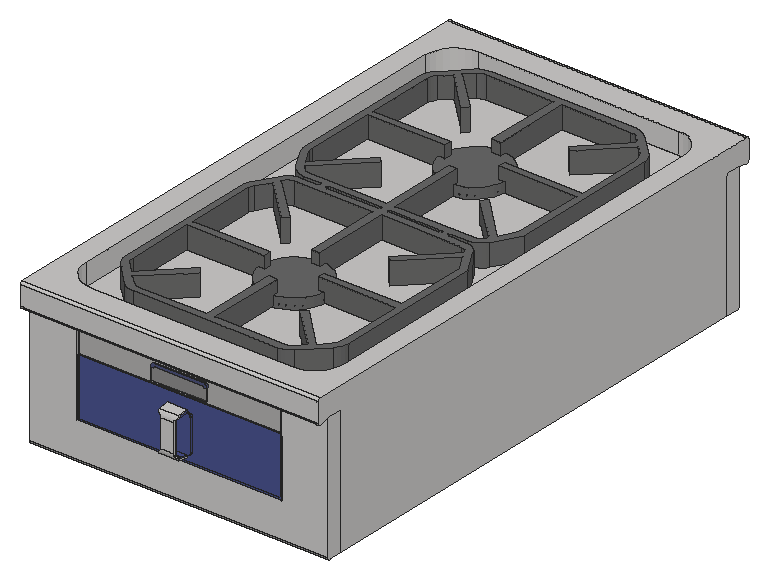
Revit family "QF_ELECTROLUXPROFESSIONAL_593306_MCGDAAEOVO", category Specialty Equipment, Revit 2018
Family settings
  Round Connector Dimension = Use Diameter
  Part Type = Normal
  Work Plane-Based = No
  Always vertical = Yes
  Cut with Voids When Loaded = No
  Shared = No
  Room Calculation Point = No
Parameters (values of type "Standard")
  Weight = 41.00 kg
  Watts = 0 W
  Volts = 0 V
  URL Manufacturer = "http://professional.electrolux.com"
  URL = "http://professional.electrolux.com"
  Steam Supply Size = 0"
  Steam Supply Minimum Pressure = 0.00 psi
  Steam Supply Maximum Pressure = 0.00 psi
  Steam Pounds per Hour = 0
  Refrigeration Suction Line Size = 0 mm
  Refrigeration Liquid Line Size = 0 mm
  Refrigerant Compressor Remote = yes
  Phase = 0
  Model = "MCGDAAEOVO"
  Manufacturer = "Electrolux Professional"
  Length Actual = 500 mm  # constant formula
  Item Number = "593306"
  Hot Water Size = 0"
  Height Actual = 250 mm  # constant formula
  HP = "0 HP"
  Gas Size = 1/2"
  Gas KW = 17
  Gas Input Pressure = 1.63571 Btu/h
  Direct Waste Size = 0"
  Description = "GAS TOP,2B,TOWNGAS,1S,500X900X250H"
  Depth Actual = 900 mm  # constant formula
  Cycle = 0 Hz
  Condensate Return Size = 0"
  Compressed Air Volume = 0 GPM
  Compressed Air Size = 0"
  Compressed Air Pressure = 0.00 psi
  Cold Water Size = 0"
  Back Panel [instance] = yes
  Accessory = yes
Reference planes
  plane 1 "BACK": y = 0
  plane 2: z = 0
  plane 3 "LEFT": x = 0
  plane 4 "RIGHT": x = 500
  plane 5 "FRONT": y = -900
  plane 6 "TOP": z = 250
  plane 7: x = 250
  plane 8: y = -450
  plane 9: x = 465
  plane 10: y = -60.425
Forms (mm)
  Extrusion 1, solid, material "QF_Finishes_Stainless Steel"
    sketch origin (0, -487.128, 0) x (0, 1, 0) y (0, 0, 1)
      loop
        line (483.128, 250) -> (-408.872, 250)
        arc (-408.872, 250) -> (-411.7, 248.828) -> (-412.872, 246) r 4
        line (-412.872, 246) -> (-412.872, 214)
        arc (-412.872, 214) -> (-411.437, 210.931) -> (-408.161, 210.064) r 4
        line (-408.161, 210.064) -> (-392.872, 213) -> (-367.872, 213) -> (-367.872, 0) -> (442.128, 0) -> (442.128, 213) -> (465.765, 213) -> (482.433, 210.061)
        arc (482.433, 210.061) -> (485.699, 210.936) -> (487.128, 214) r 4
        line (487.128, 214) -> (487.128, 246)
        arc (487.128, 246) -> (485.956, 248.828) -> (483.128, 250) r 4
    from 0 to 500
  Extrusion 2, void
    sketch origin (653.786, 44.048, 250) x (1, 0, 0) y (0, -1, 0)
      loop
        line (-570.234, 89.462) -> (-235.321, 89.462)
        arc (-235.321, 89.462) -> (-200.694, 103.805) -> (-186.351, 138.432) r 48.97
        line (-186.351, 138.432) -> (-186.351, 850.078)
        arc (-186.351, 850.078) -> (-200.694, 884.705) -> (-235.321, 899.048) r 48.97
        line (-235.321, 899.048) -> (-570.234, 899.048)
        arc (-570.234, 899.048) -> (-605.59, 884.403) -> (-620.234, 849.048) r 50
        line (-620.234, 849.048) -> (-620.234, 139.462)
        arc (-620.234, 139.462) -> (-605.59, 104.107) -> (-570.234, 89.462) r 50
    from 0 to 37
  Extrusion 3, solid, material "QF_Finishes_Stainless Steel"
    sketch origin (10, -759, 0) x (1, 0, 0) y (0, -1, 0)
      loop
        circle (455, -169) r 6.35
    from 0 to 3.2
Cuts and joins
  Extrusion 2 cuts Extrusion 1
Lines and regions (mm)
  symbolic lines
    curve 1: line (0, 0, 0) -> (500, 0, 0)
    curve 2: line (0, -900, 0) -> (0, 0, 0)
    curve 3: line (500, -900, 0) -> (0, -900, 0)
    curve 4: line (500, 0, 0) -> (500, -900, 0)
    curve 5: arc (83.552, -855, 0) -> (48.197, -840.355, 0) -> (33.552, -805, 0) r 50
    curve 6: line (33.552, -805, 0) -> (33.552, -95.414, 0)
    curve 7: arc (33.552, -95.414, 0) -> (48.197, -60.059, 0) -> (83.552, -45.414, 0) r 50
    curve 8: line (83.552, -45.414, 0) -> (418.465, -45.414, 0)
    curve 9: arc (418.465, -45.414, 0) -> (453.092, -59.757, 0) -> (467.435, -94.384, 0) r 48.97
    curve 10: line (467.435, -94.384, 0) -> (467.435, -806.03, 0)
    curve 11: arc (467.435, -806.03, 0) -> (453.092, -840.657, 0) -> (418.465, -855, 0) r 48.97
    curve 12: line (418.465, -855, 0) -> (83.552, -855, 0)
Dimensions and locks
  plane 3 "LEFT" to plane 4 "RIGHT" = 500 mm
  plane 5 "FRONT" to plane 1 "BACK" = 900 mm
  equal spacing: plane 3 "LEFT", plane 7, plane 4 "RIGHT"
  equal spacing: plane 5 "FRONT", plane 8, plane 1 "BACK"
  plane 6 "TOP" to level = 250 mm  (x2)
  plane 1 "BACK" to plane 5 "FRONT" = 900 mm
  Extrusion 3 sketch curve to plane 1 "BACK" = 590 mm
  Extrusion 3 sketch curve to plane 4 "RIGHT" = 35 mm
  plane 1 "BACK" to Extrusion 3 = 590 mm
  plane 9 to plane 4 "RIGHT" = 35 mm
  aligned and locked: level to plane 2
  aligned and locked: plane 7 to nested 1
  aligned and locked: Extrusion 1 to plane 4 "RIGHT"
Automatic sketch dimensions
  Extrusion 1 sketch curve to plane 5 "FRONT" = 0 mm
  Extrusion 1 sketch curve to plane 6 "TOP" = 0 mm
  Extrusion 1 sketch curve to level = 0 mm
  Extrusion 1 sketch curve to plane 1 "BACK" = 0 mm
  Extrusion 1 sketch curve to plane 6 "TOP" = 37 mm  (x2)
  Extrusion 1 sketch curve to plane 5 "FRONT" = 4 mm
  Extrusion 1 sketch curve to plane 5 "FRONT" = 20 mm
  Extrusion 1 sketch curve to plane 5 "FRONT" = 45 mm
  plane 1 "BACK" to Extrusion 1 sketch curve = 21.363 mm
  plane 1 "BACK" to Extrusion 1 sketch curve = 4 mm  (x2)
  Extrusion 1 sketch curve to Extrusion 1 sketch curve = 4 mm
  Extrusion 1 sketch curve to Extrusion 1 sketch curve = 0.711 mm
  plane 1 "BACK" to Extrusion 1 sketch curve = 4.695 mm
  Extrusion 1 sketch curve to Extrusion 1 sketch curve = 0 mm  (x2)
  Extrusion 1 sketch curve to Extrusion 1 sketch curve = 1 mm  (x2)
  plane 1 "BACK" to Extrusion 1 sketch curve = 45 mm
  plane 1 "BACK" to curve 1 = 0 mm
  curve 1 to plane 4 "RIGHT" = 0 mm
  curve 2 to plane 3 "LEFT" = 0 mm
  plane 5 "FRONT" to curve 2 = 0 mm
  Extrusion 2 sketch curve to Extrusion 2 sketch curve = 50 mm  (x2)
  Extrusion 1 to Extrusion 2 sketch curve = 81.535 mm  (x2)
  Extrusion 1 to Extrusion 2 sketch curve = 41 mm
  Extrusion 1 to Extrusion 2 sketch curve = 32.565 mm
  Extrusion 1 to Extrusion 2 sketch curve = 33.552 mm
  Extrusion 1 to Extrusion 2 sketch curve = 91.414 mm
  curve 10 to plane 9 = 2.435 mm
  plane 10 to curve 8 = 15.012 mm
  plane 9 to curve 8 = 46.535 mm
  plane 3 "LEFT" to curve 8 = 83.552 mm
  plane 3 "LEFT" to curve 6 = 33.552 mm
  curve 6 to plane 5 "FRONT" = 95 mm
  plane 9 to curve 12 = 46.535 mm
  curve 10 to plane 5 "FRONT" = 93.97 mm
  radius of Extrusion 3 sketch curve = 6.35 mm
Nested families
  nested 1: "EG_900_500_Single Range Control Handle Front & Back Panel" at (202.376, -855, -650), type "EG_900_500_Single Range Control Handle Front & Back Panel"
  nested 2: "OBT_900_Open Burner" at (250, -450.207, -649.319), type "OBT_900_Open Burner"
  nested 3: "EG_900_500_Single Range Control Handle Front & Back Panel" at (202.376, -45, -650), type "EG_900_500_Single Range Control Handle Front & Back Panel"
Connectors
  piping at (465, -590, -3.2), diameter 12.8
    settings: on Extrusion 3, index 1, connector inside diameter 0.50394", connector length 0 mm, flow factor 0, pipe flow 0 GPM, pressure drop 0.00 psi, fitting loss kfactor 0, connector angle 0.00°, fixture units 0, engagement length 0 mm, angle of deflection 0.00°, flow configuration 1, flow direction 1, fitting loss method 0, system type 7, joint type 0, gender type 0, connector reference index -1, connector utility 0, adjustable connector no, is connector primary yes, connector description "GAS CONNECTION"
Definition of nested family "EG_900_500_Single Range Control Handle Front & Back Panel"
  Reference planes
    plane 1 "Center (Front/Back)": y = 0
    plane 2: z = 0
    plane 3 "Center (Left/Right)": x = 47.624
    plane 4: x = -202.376
    plane 5: x = 297.624
    plane 6: y = -45
  Forms (mm)
    Extrusion 1, solid
      sketch origin (833.217, 829.203, -1.25) x (0, 1, 0) y (0, 0, 1)
        loop
          arc (-854.203, 654.25) -> (-853.324, 652.129) -> (-851.203, 651.25) r 3
          line (-851.203, 651.25) -> (-829.203, 651.25) -> (-829.203, 864.25) -> (-854.203, 864.25) -> (-854.203, 654.25)
      from -1035.593 to -535.593
    Extrusion 2, void
      sketch origin (33.217, 829.203, -1.25) x (1, 0, 0) y (0, 0, 1)
        loop
          line (-157.593, 855.116) -> (-157.593, 713.116) -> (186.407, 713.116) -> (186.407, 855.116) -> (-157.593, 855.116)
      from 848.59 to 854.203
  Cuts and joins
    Extrusion 2 cuts Extrusion 1
  Dimensions and locks
    equal spacing: plane 5, plane 3 "Center (Left/Right)", plane 4
    plane 5 to plane 4 = 500 mm
    aligned and locked: cut or joined group of Extrusion 1, Extrusion 2 to plane 4
    aligned and locked: plane 5 to cut or joined group of Extrusion 1, Extrusion 2
    aligned and locked: plane 3 "Center (Left/Right)" to nested 2
    aligned and locked: cut or joined group of Extrusion 1, Extrusion 2 to nested 2
  Automatic sketch dimensions
    Extrusion 1 sketch curve to plane 1 "Center (Front/Back)" = 0 mm
    plane 1 "Center (Front/Back)" to Extrusion 1 sketch curve = 22 mm
    Extrusion 1 sketch curve to Extrusion 1 sketch curve = 3 mm
    level to Extrusion 1 sketch curve = 650 mm
    Extrusion 1 sketch curve to Extrusion 1 sketch curve = 210 mm
    plane 4 to Extrusion 2 sketch curve = 78 mm
    Extrusion 2 sketch curve to plane 5 = 78 mm
    level to Extrusion 2 sketch curve = 711.866 mm
    Extrusion 2 sketch curve to Extrusion 2 sketch curve = 142 mm
  Nested families
    nested 1: "Range Control Handle" at (47.624, -28.137, -209.113) x (-1, 0, 0) z (0, 0, 1), type "Range Control Handle"
    nested 2: "glass conrol panel" at (47.624, 280.644, 2.752), type "glass conrol panel"
  Definition of nested family "Range Control Handle"
    Reference planes
      plane 1 "Center (Front/Back)": y = 0
      plane 2: z = 0
      plane 3 "Center (Left/Right)": x = 0
      plane 4: z = 971.092
      plane 5: y = -16.9
    Forms (mm)
      Extrusion 1, solid
        sketch origin (-746.28, 380.497, 208.931) x (-1, 0, 0) y (0, 0, 1)
          loop
            line (-770.101, 786.798) -> (-770.101, 731.649)
            arc (-770.101, 731.649) -> (-769.759, 730.563) -> (-768.855, 729.87) r 1.893
            line (-768.855, 729.87) -> (-763.474, 727.911) -> (-729.81, 727.911) -> (-724.428, 729.87)
            arc (-724.428, 729.87) -> (-723.525, 730.563) -> (-723.183, 731.649) r 1.893
            line (-723.183, 731.649) -> (-723.183, 786.798)
            arc (-723.183, 786.798) -> (-723.529, 787.894) -> (-724.44, 788.593) r 1.91
            line (-724.44, 788.593) -> (-729.683, 790.819) -> (-763.601, 790.819) -> (-768.844, 788.593)
            arc (-768.844, 788.593) -> (-769.755, 787.894) -> (-770.101, 786.798) r 1.91
        from -382.35 to -378.852
      Sweep 2, solid
        path origin (-746.788, 380.496, 208.091) x (0, -1, 0) y (0, 0, 1)
          loop
            line (379.775, 793.281) -> (395.661, 791.048)
            arc (395.661, 791.048) -> (397.781, 787.377) -> (398.517, 783.202) r 12.207
            line (398.517, 783.202) -> (398.517, 737.368)
            arc (398.517, 737.368) -> (397.781, 733.193) -> (395.661, 729.522) r 12.207
            line (395.661, 729.522) -> (379.775, 727.289)
        profile origin (-746.788, -7.222, 1000.256) x (0, -0.139173, 0.990268) y (-1, 0, 0)
          loop
            line (0.782, -763.123) -> (0.782, -730.907) -> (-1.322, -730.907) -> (-1.322, -763.123) -> (0.782, -763.123)
      Sweep 3, solid
        path origin (-746.788, 380.715, 207.832) x (0, -1, 0) y (0, 0, 1)
          loop
            line (380.478, 795.442) -> (397.218, 793.09)
            arc (397.218, 793.09) -> (399.929, 788.473) -> (400.871, 783.202) r 15.207
            line (400.871, 783.202) -> (400.871, 737.584)
            arc (400.871, 737.584) -> (399.914, 732.274) -> (397.164, 727.633) r 15.207
            line (397.164, 727.633) -> (380.601, 725.305)
        profile origin (-746.788, -8.132, 1002.099) x (0, -0.139173, 0.990268) y (-1, 0, 0)
          loop
            line (0.782, -763.123) -> (0.782, -730.907) -> (-1.322, -730.907) -> (-1.322, -763.123) -> (0.782, -763.123)
      Extrusion 4, void
        sketch origin (889.253, 220.666, 207.993) x (1, 0, 0) y (0, 0, 1)
          loop
            line (-943.038, 816.854) -> (-943.038, 703.686) -> (-899.466, 734.196) -> (-899.466, 786.344) -> (-943.038, 816.854)
        from 230.636 to 242.25
      Extrusion 5, void
        sketch origin (-888.8, 220.666, 207.993) x (-1, 0, 0) y (0, 0, -1)
          loop
            line (-943.038, -816.854) -> (-899.466, -786.344) -> (-899.466, -734.196) -> (-943.038, -703.686) -> (-943.038, -816.854)
        from 230.636 to 242.25
      Extrusion 6, solid
        sketch origin (0, 0, 0) x (1, 0, 0) y (0, 0, 1)
          loop
            circle (0, 971.092) r 7.736
        from -3.137 to -1.645
    Cuts and joins
      Extrusion 4, Extrusion 5 cuts Sweep 3
      Extrusion 4, Extrusion 5 cuts Sweep 2
      joined: Extrusion 1, Extrusion 6
    Lines and regions (mm)
      symbolic lines
        curve 1: line (16.334, -16.9, 0) -> (16.334, -19.227, 0)
        curve 2: spline (16.334, -19.227, 0) -> (15.87, -19.385, 0) -> (15.404, -19.536, 0) -> (14.936, -19.678, 0) -> (14.466, -19.813, 0) -> (13.995, -19.94, 0) -> (13.523, -20.059, 0) -> (13.049, -20.171, 0) -> (12.575, -20.274, 0) -> (12.099, -20.37, 0) -> (11.622, -20.458, 0) -> (11.144, -20.537, 0) -> (10.666, -20.609, 0)
        curve 3: line (10.666, -16.9, 0) -> (10.666, -20.938, 0)
        curve 4: line (-10.213, -20.938, 0) -> (10.666, -20.938, 0)
        curve 5: line (-10.213, -20.938, 0) -> (-10.213, -16.9, 0)
        curve 6: spline (-10.213, -20.609, 0) -> (-10.691, -20.537, 0) -> (-11.169, -20.458, 0) -> (-11.646, -20.37, 0) -> (-12.122, -20.274, 0) -> (-12.597, -20.171, 0) -> (-13.07, -20.059, 0) -> (-13.542, -19.94, 0) -> (-14.013, -19.813, 0) -> (-14.483, -19.678, 0) -> (-14.951, -19.536, 0) -> (-15.417, -19.385, 0) -> (-15.881, -19.227, 0)
        curve 7: line (-15.881, -19.227, 0) -> (-15.881, -16.9, 0)
  Definition of nested family "glass conrol panel"
    Reference planes
      plane 1 "Center (Front/Back)": y = 0
      plane 2: z = 0
      plane 3 "Center (Left/Right)": x = 0
    Forms (mm)
      Extrusion 1, solid
        sketch origin (378.286, 0, 0.617) x (1, 0, 0) y (0, 0, 1)
          loop
            line (-550.286, 806.791) -> (-550.286, 708.497) -> (-206.286, 708.497) -> (-206.286, 806.791) -> (-550.286, 806.791)
        from 300.031 to 304.8
      Extrusion 2, solid
        sketch origin (378.286, 0, 0.617) x (1, 0, 0) y (0, 0, 1)
          loop
            line (-550.286, 850.497) -> (-550.286, 806.791) -> (-206.286, 806.791) -> (-206.286, 850.497) -> (-550.286, 850.497)
        from 300.031 to 304.8
      Extrusion 3, void
        sketch origin (378.286, 0, 0.617) x (1, 0, 0) y (0, 0, 1)
          loop
            line (-547.628, 847.565) -> (-547.628, 710.699) -> (-209.196, 710.699) -> (-209.196, 847.565) -> (-547.628, 847.565)
        from 303.697 to 304.8
      Extrusion 4, solid
        sketch origin (-308.309, 1.101, -0.633) x (-1, 0, 0) y (0, 0, -1)
          loop
            line (-261.431, -812.62) -> (-355.186, -812.62) -> (-355.186, -834.177) -> (-350.269, -834.177) -> (-348.469, -835.977) -> (-268.039, -835.977) -> (-266.24, -834.177) -> (-261.431, -834.177) -> (-261.431, -812.62)
        from 304.798 to 306.745
      Extrusion 5, solid
        sketch origin (-308.309, 1.101, -0.633) x (-1, 0, 0) y (0, 0, -1)
          loop
            line (-350.269, -834.177) -> (-355.078, -834.177)
            arc (-355.078, -834.177) -> (-353.942, -838.747) -> (-349.686, -840.763) r 5.5
            line (-349.686, -840.763) -> (-266.98, -840.763)
            arc (-266.98, -840.763) -> (-262.706, -838.752) -> (-261.529, -834.177) r 5.549
            line (-261.529, -834.177) -> (-266.24, -834.177) -> (-268.039, -835.977) -> (-348.469, -835.977) -> (-350.269, -834.177)
        from 304.798 to 306.745
    Cuts and joins
      Extrusion 3 cuts Extrusion 1
      Extrusion 3 cuts Extrusion 2
    Dimensions and locks
      aligned and locked: Extrusion 1 to Extrusion 2
      aligned and locked: Extrusion 5 sketch curve to Extrusion 4  (x5)
      aligned and locked: Extrusion 5 to Extrusion 4
Definition of nested family "OBT_900_Open Burner"
  Reference planes
    plane 1 "Center (Front/Back)": y = 0
    plane 2: z = 0
    plane 3 "Center (Left/Right)": x = 0
    plane 4: x = -186.448
    plane 5: x = 187.435
    plane 6: y = 374.793
    plane 7: y = -374.793
    plane 8: y = -188.326
  Forms (mm)
    Extrusion 1, solid
      sketch origin (2130.573, 56.896, -679.622) x (1, 0, 0) y (0, 1, 0)
        loop
          line (-2137.44, 306.49) -> (-2250.793, 306.49)
          arc (-2250.793, 306.49) -> (-2257.908, 305.075) -> (-2263.94, 301.044) r 18.593
          line (-2263.94, 301.044) -> (-2276.233, 288.751) -> (-2213.48, 225.998) -> (-2221.6, 217.877) -> (-2284.354, 280.631) -> (-2300.33, 264.654)
          arc (-2300.33, 264.654) -> (-2304.433, 258.337) -> (-2305.614, 250.897) r 18.125
          line (-2305.614, 250.897) -> (-2305.614, 138.422) -> (-2175.79, 138.422) -> (-2175.79, 126.938) -> (-2305.614, 126.938) -> (-2305.614, 10.897)
          arc (-2305.614, 10.897) -> (-2304.981, 6.085) -> (-2303.123, 1.601) r 18.593
          line (-2303.123, 1.601) -> (-2290.078, -20.994) -> (-2221.6, 47.483) -> (-2213.48, 39.363) -> (-2284.012, -31.169)
          arc (-2284.012, -31.169) -> (-2278.546, -38.527) -> (-2270.23, -42.379) r 18.593
          line (-2270.23, -42.379) -> (-2137.44, -42.379) -> (-2137.44, 87.464) -> (-2123.707, 87.464) -> (-2123.707, -42.379) -> (-1989.813, -42.379)
          arc (-1989.813, -42.379) -> (-1981.496, -38.527) -> (-1976.031, -31.169) r 18.593
          line (-1976.031, -31.169) -> (-2047.115, 39.915) -> (-2038.994, 48.035) -> (-1969.962, -20.997) -> (-1954.428, 5.916) -> (-1954.428, 126.938) -> (-2085.357, 126.938) -> (-2085.357, 138.422) -> (-1954.428, 138.422) -> (-1954.428, 247.888)
          arc (-1954.428, 247.888) -> (-1956.538, 258.496) -> (-1962.547, 267.489) r 27.72
          line (-1962.547, 267.489) -> (-1975.689, 280.631) -> (-2038.994, 217.325) -> (-2047.115, 225.446) -> (-1983.809, 288.751) -> (-1996.102, 301.044)
          arc (-1996.102, 301.044) -> (-2002.134, 305.075) -> (-2009.25, 306.49) r 18.593
          line (-2009.25, 306.49) -> (-2123.707, 306.49) -> (-2123.707, 177.897) -> (-2137.44, 177.897) -> (-2137.44, 306.49)
        loop
          arc (-2317.021, 10.897) -> (-2315.999, 3.132) -> (-2313.002, -4.103) r 30
          line (-2313.002, -4.103) -> (-2292.795, -39.103)
          arc (-2292.795, -39.103) -> (-2281.814, -50.084) -> (-2266.814, -54.103) r 30
          line (-2266.814, -54.103) -> (-2239.287, -54.103)
          arc (-2239.287, -54.103) -> (-2238.243, -56) -> (-2236.272, -56.896) r 3.438
          arc (-2236.272, -56.896) -> (-2238.243, -57.792) -> (-2239.287, -59.689) r 3.438
          line (-2239.287, -59.689) -> (-2266.814, -59.689)
          arc (-2266.814, -59.689) -> (-2281.814, -63.708) -> (-2292.795, -74.689) r 30
          line (-2292.795, -74.689) -> (-2313.002, -109.689)
          arc (-2313.002, -109.689) -> (-2315.999, -116.924) -> (-2317.021, -124.689) r 30
          line (-2317.021, -124.689) -> (-2317.021, -365.461)
          arc (-2317.021, -365.461) -> (-2314.738, -376.941) -> (-2308.234, -386.674) r 30
          line (-2308.234, -386.674) -> (-2271.975, -422.933)
          arc (-2271.975, -422.933) -> (-2262.253, -429.414) -> (-2250.793, -431.689) r 30
          line (-2250.793, -431.689) -> (-2009.25, -431.689)
          arc (-2009.25, -431.689) -> (-1997.786, -429.412) -> (-1988.062, -422.928) r 30
          line (-1988.062, -422.928) -> (-1951.808, -386.674)
          arc (-1951.808, -386.674) -> (-1945.305, -376.941) -> (-1942.982, -365.461) r 30
          line (-1942.982, -365.461) -> (-1942.982, -116.719) -> (-1967.248, -74.689)
          arc (-1967.248, -74.689) -> (-1978.229, -63.708) -> (-1993.229, -59.689) r 30
          line (-1993.229, -59.689) -> (-2020.319, -59.689)
          arc (-2020.319, -59.689) -> (-2021.979, -57.759) -> (-2024.375, -56.896) r 5
          arc (-2024.375, -56.896) -> (-2021.979, -56.033) -> (-2020.319, -54.103) r 5
          line (-2020.319, -54.103) -> (-1993.229, -54.103)
          arc (-1993.229, -54.103) -> (-1978.229, -50.084) -> (-1967.248, -39.103) r 30
          line (-1967.248, -39.103) -> (-1943.138, 2.656) -> (-1943.138, 254.314)
          arc (-1943.138, 254.314) -> (-1945.839, 264.361) -> (-1951.808, 272.882) r 30
          line (-1951.808, 272.882) -> (-1988.062, 309.136)
          arc (-1988.062, 309.136) -> (-1997.786, 315.62) -> (-2009.25, 317.897) r 30
          line (-2009.25, 317.897) -> (-2250.793, 317.897)
          arc (-2250.793, 317.897) -> (-2262.253, 315.622) -> (-2271.975, 309.141) r 30
          line (-2271.975, 309.141) -> (-2308.234, 272.882)
          arc (-2308.234, 272.882) -> (-2314.738, 263.149) -> (-2317.021, 251.669) r 30
          line (-2317.021, 251.669) -> (-2317.021, 10.897)
        loop
          arc (-2122.397, -54.103) -> (-2124.057, -56.033) -> (-2126.452, -56.896) r 5
          arc (-2126.452, -56.896) -> (-2124.057, -57.759) -> (-2122.397, -59.689) r 5
          line (-2122.397, -59.689) -> (-2035.829, -59.689)
          arc (-2035.829, -59.689) -> (-2034.784, -57.792) -> (-2032.813, -56.896) r 3.438
          arc (-2032.813, -56.896) -> (-2034.784, -56) -> (-2035.829, -54.103) r 3.438
          line (-2035.829, -54.103) -> (-2122.397, -54.103)
        loop
          arc (-2223.778, -54.103) -> (-2225.438, -56.033) -> (-2227.833, -56.896) r 5
          arc (-2227.833, -56.896) -> (-2225.438, -57.759) -> (-2223.778, -59.689) r 5
          line (-2223.778, -59.689) -> (-2137.906, -59.689)
          arc (-2137.906, -59.689) -> (-2136.862, -57.792) -> (-2134.891, -56.896) r 3.438
          arc (-2134.891, -56.896) -> (-2136.862, -56) -> (-2137.906, -54.103) r 3.438
          line (-2137.906, -54.103) -> (-2223.778, -54.103)
        loop
          line (-2137.44, -420.282) -> (-2137.44, -290.439) -> (-2123.707, -290.439) -> (-2123.707, -420.282) -> (-2009.25, -420.282)
          arc (-2009.25, -420.282) -> (-2002.134, -418.867) -> (-1996.102, -414.836) r 18.593
          line (-1996.102, -414.836) -> (-1983.184, -401.918) -> (-2047.115, -337.988) -> (-2038.994, -329.867) -> (-1975.064, -393.798) -> (-1962.547, -381.281)
          arc (-1962.547, -381.281) -> (-1956.538, -372.288) -> (-1954.428, -361.68) r 27.72
          line (-1954.428, -361.68) -> (-1954.428, -250.964) -> (-2085.357, -250.964) -> (-2085.357, -239.48) -> (-1954.428, -239.48) -> (-1954.428, -119.708) -> (-1970.42, -92.003) -> (-2038.994, -160.577) -> (-2047.115, -152.457) -> (-1976.413, -81.755)
          arc (-1976.413, -81.755) -> (-1981.868, -74.971) -> (-1989.813, -71.413) r 18.593
          line (-1989.813, -71.413) -> (-2123.707, -71.413) -> (-2123.707, -200.006) -> (-2137.44, -200.006) -> (-2137.44, -71.413) -> (-2270.23, -71.413)
          arc (-2270.23, -71.413) -> (-2278.175, -74.971) -> (-2283.629, -81.755) r 18.593
          line (-2283.629, -81.755) -> (-2213.48, -151.905) -> (-2221.6, -160.025) -> (-2289.62, -92.005) -> (-2303.123, -115.393)
          arc (-2303.123, -115.393) -> (-2304.981, -119.877) -> (-2305.614, -124.689) r 18.593
          line (-2305.614, -124.689) -> (-2305.614, -239.48) -> (-2175.79, -239.48) -> (-2175.79, -250.964) -> (-2305.614, -250.964) -> (-2305.614, -364.689)
          arc (-2305.614, -364.689) -> (-2304.433, -372.129) -> (-2300.33, -378.446) r 18.125
          line (-2300.33, -378.446) -> (-2284.979, -393.798) -> (-2221.6, -330.419) -> (-2213.48, -338.54) -> (-2276.858, -401.918) -> (-2263.94, -414.836)
          arc (-2263.94, -414.836) -> (-2257.908, -418.867) -> (-2250.793, -420.282) r 18.593
          line (-2250.793, -420.282) -> (-2137.44, -420.282)
      from 1542.072 to 1578.941
    Extrusion 2, solid
      sketch origin (2130.573, 61.122, 0) x (1, 0, 0) y (0, 1, 0)
        loop
          circle (-2130.573, -249.448) r 55
        loop
          circle (-2130.573, 128.455) r 55
      from 862.45 to 879.837
    Extrusion 3, void
      sketch origin (-124.371, -355.785, -22.784) x (-0.587785, -0.809017, 0) y (0, 0, 1)
        loop
          circle (-213.495, 891.283) r 1
      from -67.69 to -35.114
    Extrusion 4, void
      sketch origin (-89.903, -376.417, -22.784) x (-0.422618, -0.906308, 0) y (0, 0, 1)
        loop
          circle (-213.495, 891.283) r 1
      from -74.826 to -35.114
    Extrusion 5, void
      sketch origin (-52.131, -390.093, -22.784) x (-0.241922, -0.970296, 0) y (0, 0, 1)
        loop
          circle (-213.495, 891.283) r 1
      from -67.69 to -35.114
    Extrusion 6, void
      sketch origin (27.702, -394.842, -22.784) x (0.139173, -0.990268, 0) y (0, 0, 1)
        loop
          circle (-213.495, 891.283) r 1
      from -67.69 to -35.114
    Extrusion 7, void
      sketch origin (66.829, -385.74, -22.784) x (0.325568, -0.945519, 0) y (0, 0, 1)
        loop
          circle (-213.495, 891.283) r 1
      from -67.69 to -35.114
    Extrusion 8, void
      sketch origin (103.5, -369.339, -22.784) x (0.5, -0.866025, 0) y (0, 0, 1)
        loop
          circle (-213.495, 891.283) r 1
      from -67.69 to -35.114
    Extrusion 9, void
      sketch origin (136.368, -346.242, -22.784) x (0.656059, -0.75471, 0) y (0, 0, 1)
        loop
          circle (-213.495, 891.283) r 1
      from -67.69 to -35.114
    Extrusion 10, void
      sketch origin (164.225, -317.298, -22.784) x (0.788011, -0.615661, 0) y (0, 0, 1)
        loop
          circle (-213.495, 891.283) r 1
      from -67.69 to -35.114
    Extrusion 11, void
      sketch origin (186.048, -283.571, -22.784) x (0.891007, -0.45399, 0) y (0, 0, 1)
        loop
          circle (-213.495, 891.283) r 1
      from -67.69 to -35.114
    Extrusion 12, void
      sketch origin (201.034, -246.299, -22.784) x (0.961262, -0.275637, 0) y (0, 0, 1)
        loop
          circle (-213.495, 891.283) r 1
      from -67.69 to -35.114
    Extrusion 13, void
      sketch origin (208.566, -166.681, -22.784) x (0.994522, 0.104528, 0) y (0, 0, 1)
        loop
          circle (-213.495, 891.283) r 1
      from -67.69 to -35.114
    Extrusion 14, void
      sketch origin (200.835, -127.26, -22.784) x (0.956305, 0.292372, 0) y (0, 0, 1)
        loop
          circle (-213.495, 891.283) r 1
      from -67.69 to -35.114
    Extrusion 15, void
      sketch origin (185.724, -90.039, -22.784) x (0.882948, 0.469472, 0) y (0, 0, 1)
        loop
          circle (-213.495, 891.283) r 1
      from -67.69 to -35.114
    Extrusion 16, void
      sketch origin (163.788, -56.385, -22.784) x (0.777146, 0.62932, 0) y (0, 0, 1)
        loop
          circle (-213.495, 891.283) r 1
      from -67.69 to -35.114
    Extrusion 17, void
      sketch origin (135.834, -27.534, -22.784) x (0.642788, 0.766044, 0) y (0, 0, 1)
        loop
          circle (-213.495, 891.283) r 1
      from -67.69 to -35.114
    Extrusion 18, void
      sketch origin (102.889, -4.548, -22.784) x (0.48481, 0.87462, 0) y (0, 0, 1)
        loop
          circle (-213.495, 891.283) r 1
      from -67.69 to -35.114
    Extrusion 19, void
      sketch origin (66.163, 11.73, -22.784) x (0.309017, 0.951057, 0) y (0, 0, 1)
        loop
          circle (-213.495, 891.283) r 1
      from -67.69 to -35.114
    Extrusion 20, void
      sketch origin (-52.811, 15.685, -22.784) x (-0.258819, 0.965926, 0) y (0, 0, 1)
        loop
          circle (-213.495, 891.283) r 1
      from -67.69 to -35.114
    Extrusion 21, void
      sketch origin (-90.537, 1.882, -22.784) x (-0.438371, 0.898794, 0) y (0, 0, 1)
        loop
          circle (-213.495, 891.283) r 1
      from -67.69 to -35.114
    Extrusion 22, void
      sketch origin (-124.936, -18.865, -22.784) x (-0.601815, 0.798636, 0) y (0, 0, 1)
        loop
          circle (-213.495, 891.283) r 1
      from -67.69 to -35.114
    Extrusion 23, void
      sketch origin (-154.744, -45.796, -22.784) x (-0.743145, 0.669131, 0) y (0, 0, 1)
        loop
          circle (-213.495, 891.283) r 1
      from -67.69 to -35.114
    Extrusion 24, void
      sketch origin (-178.866, -77.919, -22.784) x (-0.857167, 0.515038, 0) y (0, 0, 1)
        loop
          circle (-213.495, 891.283) r 1
      from -67.69 to -35.114
    Extrusion 25, void
      sketch origin (-196.416, -114.054, -22.784) x (-0.939693, 0.34202, 0) y (0, 0, 1)
        loop
          circle (-213.495, 891.283) r 1
      from -67.69 to -35.114
    Extrusion 26, void
      sketch origin (-204.521, -232.817, -22.784) x (-0.97437, -0.224951, 0) y (0, 0, 1)
        loop
          circle (-213.495, 891.283) r 1
      from -67.69 to -35.114
    Extrusion 27, void
      sketch origin (-192.043, -271.002, -22.784) x (-0.913545, -0.406737, 0) y (0, 0, 1)
        loop
          circle (-213.495, 891.283) r 1
      from -67.69 to -35.114
    Extrusion 28, void
      sketch origin (-172.509, -306.104, -22.784) x (-0.819152, -0.573576, 0) y (0, 0, 1)
        loop
          circle (-213.495, 891.283) r 1
      from -67.69 to -35.114
    Extrusion 29, void
      sketch origin (-146.635, -336.834, -22.784) x (-0.694658, -0.71934, 0) y (0, 0, 1)
        loop
          circle (-213.495, 891.283) r 1
      from -67.69 to -35.114
    Extrusion 30, void
      sketch origin (-124.371, 22.118, -22.784) x (-0.587785, -0.809017, 0) y (0, 0, 1)
        loop
          circle (-213.495, 891.283) r 1
      from -67.69 to -35.114
    Extrusion 31, void
      sketch origin (-89.903, 1.485, -22.784) x (-0.422618, -0.906308, 0) y (0, 0, 1)
        loop
          circle (-213.495, 891.283) r 1
      from -74.826 to -35.114
    Extrusion 32, void
      sketch origin (-52.131, -12.191, -22.784) x (-0.241922, -0.970296, 0) y (0, 0, 1)
        loop
          circle (-213.495, 891.283) r 1
      from -67.69 to -35.114
    Extrusion 33, void
      sketch origin (27.702, -16.939, -22.784) x (0.139173, -0.990268, 0) y (0, 0, 1)
        loop
          circle (-213.495, 891.283) r 1
      from -67.69 to -35.114
    Extrusion 34, void
      sketch origin (66.829, -7.837, -22.784) x (0.325568, -0.945519, 0) y (0, 0, 1)
        loop
          circle (-213.495, 891.283) r 1
      from -67.69 to -35.114
    Extrusion 35, void
      sketch origin (103.5, 8.564, -22.784) x (0.5, -0.866025, 0) y (0, 0, 1)
        loop
          circle (-213.495, 891.283) r 1
      from -67.69 to -35.114
    Extrusion 36, void
      sketch origin (136.368, 31.66, -22.784) x (0.656059, -0.75471, 0) y (0, 0, 1)
        loop
          circle (-213.495, 891.283) r 1
      from -67.69 to -35.114
    Extrusion 37, void
      sketch origin (164.225, 60.604, -22.784) x (0.788011, -0.615661, 0) y (0, 0, 1)
        loop
          circle (-213.495, 891.283) r 1
      from -67.69 to -35.114
    Extrusion 38, void
      sketch origin (186.048, 94.332, -22.784) x (0.891007, -0.45399, 0) y (0, 0, 1)
        loop
          circle (-213.495, 891.283) r 1
      from -67.69 to -35.114
    Extrusion 39, void
      sketch origin (201.034, 131.603, -22.784) x (0.961262, -0.275637, 0) y (0, 0, 1)
        loop
          circle (-213.495, 891.283) r 1
      from -67.69 to -35.114
    Extrusion 40, void
      sketch origin (208.566, 211.222, -22.784) x (0.994522, 0.104528, 0) y (0, 0, 1)
        loop
          circle (-213.495, 891.283) r 1
      from -67.69 to -35.114
    Extrusion 41, void
      sketch origin (200.835, 250.642, -22.784) x (0.956305, 0.292372, 0) y (0, 0, 1)
        loop
          circle (-213.495, 891.283) r 1
      from -67.69 to -35.114
    Extrusion 42, void
      sketch origin (185.724, 287.864, -22.784) x (0.882948, 0.469472, 0) y (0, 0, 1)
        loop
          circle (-213.495, 891.283) r 1
      from -67.69 to -35.114
    Extrusion 43, void
      sketch origin (163.788, 321.518, -22.784) x (0.777146, 0.62932, 0) y (0, 0, 1)
        loop
          circle (-213.495, 891.283) r 1
      from -67.69 to -35.114
    Extrusion 44, void
      sketch origin (135.834, 350.368, -22.784) x (0.642788, 0.766044, 0) y (0, 0, 1)
        loop
          circle (-213.495, 891.283) r 1
      from -67.69 to -35.114
    Extrusion 45, void
      sketch origin (102.889, 373.355, -22.784) x (0.48481, 0.87462, 0) y (0, 0, 1)
        loop
          circle (-213.495, 891.283) r 1
      from -67.69 to -35.114
    Extrusion 46, void
      sketch origin (66.163, 389.633, -22.784) x (0.309017, 0.951057, 0) y (0, 0, 1)
        loop
          circle (-213.495, 891.283) r 1
      from -67.69 to -35.114
    Extrusion 47, void
      sketch origin (-52.811, 393.588, -22.784) x (-0.258819, 0.965926, 0) y (0, 0, 1)
        loop
          circle (-213.495, 891.283) r 1
      from -67.69 to -35.114
    Extrusion 48, void
      sketch origin (-90.537, 379.785, -22.784) x (-0.438371, 0.898794, 0) y (0, 0, 1)
        loop
          circle (-213.495, 891.283) r 1
      from -67.69 to -35.114
    Extrusion 49, void
      sketch origin (-124.936, 359.037, -22.784) x (-0.601815, 0.798636, 0) y (0, 0, 1)
        loop
          circle (-213.495, 891.283) r 1
      from -67.69 to -35.114
    Extrusion 50, void
      sketch origin (-154.744, 332.107, -22.784) x (-0.743145, 0.669131, 0) y (0, 0, 1)
        loop
          circle (-213.495, 891.283) r 1
      from -67.69 to -35.114
    Extrusion 51, void
      sketch origin (-178.866, 299.984, -22.784) x (-0.857167, 0.515038, 0) y (0, 0, 1)
        loop
          circle (-213.495, 891.283) r 1
      from -67.69 to -35.114
    Extrusion 52, void
      sketch origin (-196.416, 263.848, -22.784) x (-0.939693, 0.34202, 0) y (0, 0, 1)
        loop
          circle (-213.495, 891.283) r 1
      from -67.69 to -35.114
    Extrusion 53, void
      sketch origin (-204.521, 145.086, -22.784) x (-0.97437, -0.224951, 0) y (0, 0, 1)
        loop
          circle (-213.495, 891.283) r 1
      from -67.69 to -35.114
    Extrusion 54, void
      sketch origin (-192.043, 106.901, -22.784) x (-0.913545, -0.406737, 0) y (0, 0, 1)
        loop
          circle (-213.495, 891.283) r 1
      from -67.69 to -35.114
    Extrusion 55, void
      sketch origin (-172.509, 71.798, -22.784) x (-0.819152, -0.573576, 0) y (0, 0, 1)
        loop
          circle (-213.495, 891.283) r 1
      from -67.69 to -35.114
    Extrusion 56, void
      sketch origin (-146.635, 41.068, -22.784) x (-0.694658, -0.71934, 0) y (0, 0, 1)
        loop
          circle (-213.495, 891.283) r 1
      from -67.69 to -35.114
  Cuts and joins
    Extrusion 3, Extrusion 4, Extrusion 5, Extrusion 6, Extrusion 7, Extrusion 8, Extrusion 9, Extrusion 10, Extrusion 11, Extrusion 12, Extrusion 13, Extrusion 14, Extrusion 15, Extrusion 16, Extrusion 17, Extrusion 18, Extrusion 19, Extrusion 20, Extrusion 21, Extrusion 22, Extrusion 23, Extrusion 24, Extrusion 25, Extrusion 26, Extrusion 27, Extrusion 28, Extrusion 29, Extrusion 30, Extrusion 31, Extrusion 32, Extrusion 33, Extrusion 34, Extrusion 35, Extrusion 36, Extrusion 37, Extrusion 38, Extrusion 39, Extrusion 40, Extrusion 41, Extrusion 42, Extrusion 43, Extrusion 44, Extrusion 45, Extrusion 46, Extrusion 47, Extrusion 48, Extrusion 49, Extrusion 50, Extrusion 51, Extrusion 52, Extrusion 53, Extrusion 54, Extrusion 55, Extrusion 56 cuts Extrusion 2
    Extrusion 32 cuts Extrusion 1
  Lines and regions (mm)
    symbolic lines
      curve 1: arc (54.699, -182.584, 0) -> (39.289, -149.838, 0) -> (6.867, -133.757, 0) r 55
      curve 2: arc (-54.699, -194.068, 0) -> (-39.289, -226.815, 0) -> (-6.867, -242.896, 0) r 55
      curve 3: line (45.217, -194.068, 0) -> (176.145, -194.068, 0)
      curve 4: line (176.145, -194.068, 0) -> (176.145, -304.784, 0)
      curve 5: arc (176.145, -304.784, 0) -> (174.035, -315.392, 0) -> (168.026, -324.385, 0) r 27.72
      curve 6: line (168.026, -324.385, 0) -> (155.51, -336.902, 0)
      curve 7: line (155.51, -336.902, 0) -> (91.579, -272.971, 0)
      curve 8: line (83.459, -281.092, 0) -> (147.389, -345.022, 0)
      curve 9: line (147.389, -345.022, 0) -> (134.471, -357.94, 0)
      curve 10: arc (134.471, -357.94, 0) -> (128.439, -361.971, 0) -> (121.324, -363.386, 0) r 18.593
      curve 11: line (121.324, -363.386, 0) -> (6.867, -363.386, 0)
      curve 12: line (6.867, -363.386, 0) -> (6.867, -233.543, 0)
      curve 13: line (-6.867, -233.543, 0) -> (-6.867, -363.386, 0)
      curve 14: line (-6.867, -363.386, 0) -> (-120.219, -363.386, 0)
      curve 15: arc (-120.219, -363.386, 0) -> (-127.335, -361.971, 0) -> (-133.367, -357.94, 0) r 18.593
      curve 16: line (-133.367, -357.94, 0) -> (-146.285, -345.022, 0)
      curve 17: line (-146.285, -345.022, 0) -> (-82.906, -281.644, 0)
      curve 18: line (-91.027, -273.523, 0) -> (-154.405, -336.902, 0)
      curve 19: line (-154.405, -336.902, 0) -> (-169.757, -321.55, 0)
      curve 20: arc (-169.757, -321.55, 0) -> (-173.86, -315.233, 0) -> (-175.041, -307.793, 0) r 18.125
      curve 21: line (-175.041, -307.793, 0) -> (-175.041, -194.068, 0)
      curve 22: line (-175.041, -194.068, 0) -> (-45.217, -194.068, 0)
      curve 23: line (-45.217, -182.584, 0) -> (-175.041, -182.584, 0)
      curve 24: line (-175.041, -182.584, 0) -> (-175.041, -67.793, 0)
      curve 25: arc (-175.041, -67.793, 0) -> (-174.407, -62.981, 0) -> (-172.55, -58.497, 0) r 18.593
      curve 26: line (-172.55, -58.497, 0) -> (-159.047, -35.109, 0)
      curve 27: line (-159.047, -35.109, 0) -> (-91.027, -103.129, 0)
      curve 28: line (-82.906, -95.009, 0) -> (-153.056, -24.859, 0)
      curve 29: arc (-153.056, -24.859, 0) -> (-147.601, -18.075, 0) -> (-139.656, -14.517, 0) r 18.593
      curve 30: line (-139.656, -14.517, 0) -> (-6.867, -14.517, 0)
      curve 31: line (-6.867, -14.517, 0) -> (-6.867, -143.11, 0)
      curve 32: line (6.867, -143.11, 0) -> (6.867, -14.517, 0)
      curve 33: line (6.867, -14.517, 0) -> (140.761, -14.517, 0)
      curve 34: arc (140.761, -14.517, 0) -> (148.706, -18.075, 0) -> (154.16, -24.859, 0) r 18.593
      curve 35: line (154.16, -24.859, 0) -> (83.459, -95.561, 0)
      curve 36: line (91.579, -103.681, 0) -> (160.154, -35.107, 0)
      curve 37: line (160.154, -35.107, 0) -> (176.145, -62.812, 0)
      curve 38: line (176.145, -62.812, 0) -> (176.145, -182.584, 0)
      curve 39: line (176.145, -182.584, 0) -> (45.217, -182.584, 0)
      curve 40: line (187.592, -59.823, 0) -> (163.326, -17.793, 0)
      curve 41: arc (163.326, -17.793, 0) -> (152.345, -6.812, 0) -> (137.345, -2.793, 0) r 30
      curve 42: line (137.345, -2.793, 0) -> (110.254, -2.793, 0)
      curve 43: arc (110.254, -2.793, 0) -> (108.594, -0.863, 0) -> (106.199, 0, 0) r 5
      curve 44: arc (106.199, 0, 0) -> (108.594, 0.863, 0) -> (110.254, 2.793, 0) r 5
      curve 45: line (110.254, 2.793, 0) -> (137.345, 2.793, 0)
      curve 46: arc (137.345, 2.793, 0) -> (152.345, 6.812, 0) -> (163.326, 17.793, 0) r 30
      curve 47: line (163.326, 17.793, 0) -> (187.435, 59.552, 0)
      curve 48: line (187.435, 59.552, 0) -> (187.435, 311.21, 0)
      curve 49: arc (187.435, 311.21, 0) -> (184.735, 321.257, 0) -> (178.765, 329.778, 0) r 30
      curve 50: line (178.765, 329.778, 0) -> (142.511, 366.032, 0)
      curve 51: arc (142.511, 366.032, 0) -> (132.788, 372.516, 0) -> (121.324, 374.793, 0) r 30
      curve 52: line (121.324, 374.793, 0) -> (-120.219, 374.793, 0)
      curve 53: arc (-120.219, 374.793, 0) -> (-131.68, 372.518, 0) -> (-141.401, 366.037, 0) r 30
      curve 54: line (-141.401, 366.037, 0) -> (-177.661, 329.778, 0)
      curve 55: arc (-177.661, 329.778, 0) -> (-184.164, 320.045, 0) -> (-186.448, 308.565, 0) r 30
      curve 56: line (-186.448, 308.565, 0) -> (-186.448, 67.793, 0)
      curve 57: arc (-186.448, 67.793, 0) -> (-185.426, 60.028, 0) -> (-182.429, 52.793, 0) r 30
      curve 58: line (-182.429, 52.793, 0) -> (-162.221, 17.793, 0)
      curve 59: arc (-162.221, 17.793, 0) -> (-151.241, 6.812, 0) -> (-136.241, 2.793, 0) r 30
      curve 60: line (-136.241, 2.793, 0) -> (-108.714, 2.793, 0)
      curve 61: arc (-108.714, 2.793, 0) -> (-107.669, 0.896, 0) -> (-105.698, 0, 0) r 3.438
      curve 62: arc (-105.698, 0, 0) -> (-107.669, -0.896, 0) -> (-108.714, -2.793, 0) r 3.438
      curve 63: line (-108.714, -2.793, 0) -> (-136.241, -2.793, 0)
      curve 64: arc (-136.241, -2.793, 0) -> (-151.241, -6.812, 0) -> (-162.221, -17.793, 0) r 30
      curve 65: line (-162.221, -17.793, 0) -> (-182.429, -52.793, 0)
      curve 66: arc (-182.429, -52.793, 0) -> (-185.426, -60.028, 0) -> (-186.448, -67.793, 0) r 30
      curve 67: line (-186.448, -67.793, 0) -> (-186.448, -308.565, 0)
      curve 68: arc (-186.448, -308.565, 0) -> (-184.164, -320.045, 0) -> (-177.661, -329.778, 0) r 30
      curve 69: line (-177.661, -329.778, 0) -> (-141.401, -366.037, 0)
      curve 70: arc (-141.401, -366.037, 0) -> (-131.68, -372.518, 0) -> (-120.219, -374.793, 0) r 30
      curve 71: line (-120.219, -374.793, 0) -> (121.324, -374.793, 0)
      curve 72: arc (121.324, -374.793, 0) -> (132.788, -372.516, 0) -> (142.511, -366.032, 0) r 30
      curve 73: line (142.511, -366.032, 0) -> (178.765, -329.778, 0)
      curve 74: arc (178.765, -329.778, 0) -> (185.269, -320.045, 0) -> (187.552, -308.565, 0) r 30
      curve 75: line (187.592, -308.565, 0) -> (187.592, -59.823, 0)
      curve 76: line (94.745, -2.793, 0) -> (8.177, -2.793, 0)
      curve 77: arc (8.177, -2.793, 0) -> (6.517, -0.863, 0) -> (4.121, 0, 0) r 5
      curve 78: arc (4.121, 0, 0) -> (6.517, 0.863, 0) -> (8.177, 2.793, 0) r 5
      curve 79: line (8.177, 2.793, 0) -> (94.745, 2.793, 0)
      curve 80: arc (94.745, 2.793, 0) -> (95.789, 0.896, 0) -> (97.76, 0, 0) r 3.438
      curve 81: arc (97.76, 0, 0) -> (95.789, -0.896, 0) -> (94.745, -2.793, 0) r 3.438
      curve 82: line (-7.333, -2.793, 0) -> (-93.204, -2.793, 0)
      curve 83: arc (-93.204, -2.793, 0) -> (-94.864, -0.863, 0) -> (-97.26, 0, 0) r 5
      curve 84: arc (-97.26, 0, 0) -> (-94.864, 0.863, 0) -> (-93.204, 2.793, 0) r 5
      curve 85: line (-93.204, 2.793, 0) -> (-7.333, 2.793, 0)
      curve 86: arc (-7.333, 2.793, 0) -> (-6.288, 0.896, 0) -> (-4.317, 0, 0) r 3.438
      curve 87: arc (-4.317, 0, 0) -> (-6.288, -0.896, 0) -> (-7.333, -2.793, 0) r 3.438
      curve 88: line (-6.867, 14.517, 0) -> (-139.656, 14.517, 0)
      curve 89: arc (-139.656, 14.517, 0) -> (-147.973, 18.369, 0) -> (-153.438, 25.727, 0) r 18.593
      curve 90: line (-153.438, 25.727, 0) -> (-82.906, 96.259, 0)
      curve 91: line (-91.027, 104.379, 0) -> (-159.504, 35.902, 0)
      curve 92: line (-159.504, 35.902, 0) -> (-172.55, 58.497, 0)
      curve 93: arc (-172.55, 58.497, 0) -> (-174.407, 62.981, 0) -> (-175.041, 67.793, 0) r 18.593
      curve 94: line (-175.041, 67.793, 0) -> (-175.041, 183.834, 0)
      curve 95: line (-175.041, 183.834, 0) -> (-45.217, 183.834, 0)
      curve 96: line (-45.217, 195.318, 0) -> (-175.041, 195.318, 0)
      curve 97: line (-175.041, 195.318, 0) -> (-175.041, 307.793, 0)
      curve 98: arc (-175.041, 307.793, 0) -> (-173.86, 315.233, 0) -> (-169.757, 321.55, 0) r 18.125
      curve 99: line (-169.757, 321.55, 0) -> (-153.78, 337.527, 0)
      curve 100: line (-153.78, 337.527, 0) -> (-91.027, 274.773, 0)
      curve 101: line (-91.027, 274.773, 0) -> (-82.906, 282.894, 0)
      curve 102: line (-82.906, 282.894, 0) -> (-145.66, 345.647, 0)
      curve 103: line (-145.66, 345.647, 0) -> (-133.367, 357.94, 0)
      curve 104: arc (-133.367, 357.94, 0) -> (-127.335, 361.971, 0) -> (-120.219, 363.386, 0) r 18.593
      curve 105: line (-120.219, 363.386, 0) -> (-6.867, 363.386, 0)
      curve 106: line (-6.867, 363.386, 0) -> (-6.867, 234.793, 0)
      curve 107: line (-6.867, 234.793, 0) -> (6.867, 234.793, 0)
      curve 108: line (6.867, 234.793, 0) -> (6.867, 363.386, 0)
      curve 109: line (6.867, 363.386, 0) -> (121.324, 363.386, 0)
      curve 110: arc (121.324, 363.386, 0) -> (128.439, 361.971, 0) -> (134.471, 357.94, 0) r 18.593
      curve 111: line (134.471, 357.94, 0) -> (146.764, 345.647, 0)
      curve 112: line (146.764, 345.647, 0) -> (83.459, 282.342, 0)
      curve 113: line (91.579, 274.221, 0) -> (154.885, 337.527, 0)
      curve 114: line (154.885, 337.527, 0) -> (168.026, 324.385, 0)
      curve 115: arc (168.026, 324.385, 0) -> (174.035, 315.392, 0) -> (176.145, 304.784, 0) r 27.72
      curve 116: line (176.145, 304.784, 0) -> (176.145, 195.318, 0)
      curve 117: line (176.145, 195.318, 0) -> (45.217, 195.318, 0)
      curve 118: line (45.217, 183.834, 0) -> (176.145, 183.834, 0)
      curve 119: line (176.145, 183.834, 0) -> (176.145, 62.812, 0)
      curve 120: line (176.145, 62.812, 0) -> (160.611, 35.899, 0)
      curve 121: line (160.611, 35.899, 0) -> (91.579, 104.931, 0)
      curve 122: line (83.459, 96.811, 0) -> (154.543, 25.727, 0)
      curve 123: arc (154.543, 25.727, 0) -> (149.077, 18.369, 0) -> (140.761, 14.517, 0) r 18.593
      curve 124: line (140.761, 14.517, 0) -> (6.867, 14.517, 0)
      curve 125: line (6.867, 14.517, 0) -> (6.867, 144.36, 0)
      curve 126: line (6.867, 144.36, 0) -> (-6.867, 144.36, 0)
      curve 127: line (-6.867, 144.36, 0) -> (-6.867, 14.517, 0)
      curve 128: arc (-54.699, 183.834, 0) -> (-39.289, 151.088, 0) -> (-6.867, 135.007, 0) r 55
      curve 129: arc (54.699, 195.318, 0) -> (39.289, 228.065, 0) -> (6.867, 244.146, 0) r 55
      curve 130: arc (-6.867, 244.146, 0) -> (-39.289, 228.065, 0) -> (-54.699, 195.318, 0) r 55
      curve 131: arc (6.867, 135.007, 0) -> (39.289, 151.088, 0) -> (54.699, 183.834, 0) r 55
      curve 132: arc (-6.867, -133.757, 0) -> (-39.289, -149.838, 0) -> (-54.699, -182.584, 0) r 55
      curve 133: arc (6.867, -242.896, 0) -> (39.289, -226.815, 0) -> (54.699, -194.068, 0) r 55
      curve 134: line (-45.217, 183.834, 0) -> (-45.217, 195.318, 0)
      curve 135: line (45.217, 195.318, 0) -> (45.217, 183.834, 0)
      curve 136: line (91.579, 274.221, 0) -> (83.459, 282.342, 0)
      curve 137: line (-91.027, 104.379, 0) -> (-82.906, 96.259, 0)
      curve 138: line (91.579, 104.931, 0) -> (83.459, 96.811, 0)
      curve 139: line (-91.027, -103.129, 0) -> (-82.906, -95.009, 0)
      curve 140: line (83.459, -95.561, 0) -> (91.579, -103.681, 0)
      curve 141: line (45.217, -182.584, 0) -> (45.217, -194.068, 0)
      curve 142: line (-6.867, -143.11, 0) -> (6.867, -143.11, 0)
      curve 143: line (-45.217, -194.068, 0) -> (-45.217, -182.584, 0)
      curve 144: line (6.867, -233.543, 0) -> (-6.867, -233.543, 0)
      curve 145: line (91.579, -272.971, 0) -> (83.459, -281.092, 0)
      curve 146: line (-82.906, -281.644, 0) -> (-91.027, -273.523, 0)
  Dimensions and locks
    plane 5 to plane 4 = 373.883 mm
    equal spacing: Extrusion 1 sketch curve, plane 3 "Center (Left/Right)", Extrusion 1 sketch curve
